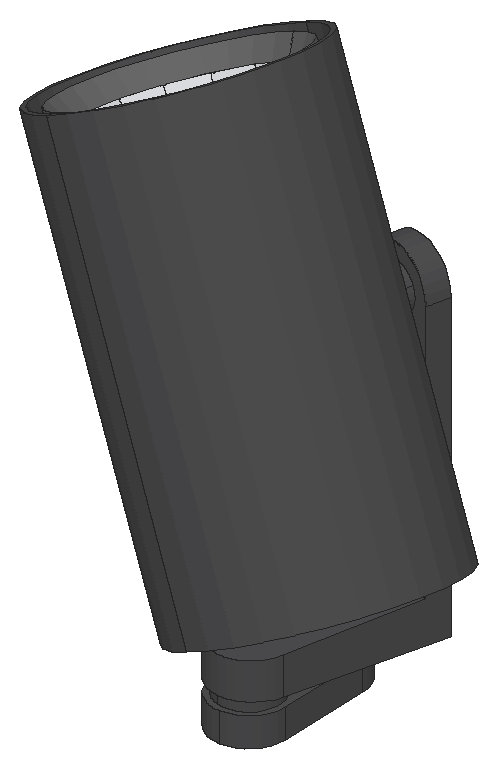
Revit family "Canilo", category Lighting Fixtures, host Face, Revit 2017 (continued)
Types (810, lengths in mm): name | system luminous flux | TK_Optic | TK_Body | System performance | SEO | ProductDataSheet | Mat | Luminaire colour | Lumen category | Lighting technology | Light colour | Lamp | IESFile | Cover / filter | CRI | Beam angle | Apparent Load
  CANILO  3P 01 LED3000-BVC SP-c ETDD 01 | 2860 lm | "10127062" | "10161315" | 31 VA | Oktalite_Canilo_WH3100 | "http://www.oktalite.com/datasheet_print.php?language=EN&productid=63&lampid=91" | Oktalite_Alu_RAL_9016 | "RAL 9016 traffic white" | "3000 lm" | "LED IQ" | "B+V+C" | "LED IQ" | "CANILO_LED IQ_SP.ies" | "clear" | "-" | "Spot" | 31 VA
  CANILO  3P 01 LED3000-BVC SP  ETDD 01 | 2860 lm | "10125190" | "10161315" | 31 VA | Oktalite_Canilo_WH3100 | "http://www.oktalite.com/datasheet_print.php?language=EN&productid=63&lampid=91" | Oktalite_Alu_RAL_9016 | "RAL 9016 traffic white" | "3000 lm" | "LED IQ" | "B+V+C" | "LED IQ" | "CANILO_LED IQ_SP.ies" | "without" | "-" | "Spot" | 31 VA
  CANILO  3P 05 LED4000-831 VFL-c ETDD 05 | 3555 lm | "10147536" | "10161699" | 32 VA | Oktalite_Canilo_WH3100 | "http://www.oktalite.com/datasheet_print.php?language=EN&productid=63&lampid=91" | Oktalite_Alu_RAL_9005 | "RAL 9005 jet black" | "4000 lm" | "LED IQ" | "3100 K Efficient Colour" | "LED IQ" | "CANILO_LED IQ_VFL.ies" | "clear" | "85" | "Very Wide Flood" | 32 VA
  CANILO  3P 05 LED4000-831 VFL  ETDD 05 | 3555 lm | "10147502" | "10161699" | 32 VA | Oktalite_Canilo_WH3100 | "http://www.oktalite.com/datasheet_print.php?language=EN&productid=63&lampid=91" | Oktalite_Alu_RAL_9005 | "RAL 9005 jet black" | "4000 lm" | "LED IQ" | "3100 K Efficient Colour" | "LED IQ" | "CANILO_LED IQ_VFL.ies" | "without" | "85" | "Very Wide Flood" | 32 VA
  CANILO  3P 05 LED4000-831 WFL-c ETDD 05 | 3555 lm | "10147535" | "10161699" | 32 VA | Oktalite_Canilo_WH3100 | "http://www.oktalite.com/datasheet_print.php?language=EN&productid=63&lampid=91" | Oktalite_Alu_RAL_9005 | "RAL 9005 jet black" | "4000 lm" | "LED IQ" | "3100 K Efficient Colour" | "LED IQ" | "CANILO_LED IQ_WFL.ies" | "clear" | "85" | "Wide Flood" | 32 VA
  CANILO  3P 05 LED4000-831 WFL  ETDD 05 | 3555 lm | "10147501" | "10161699" | 32 VA | Oktalite_Canilo_WH3100 | "http://www.oktalite.com/datasheet_print.php?language=EN&productid=63&lampid=91" | Oktalite_Alu_RAL_9005 | "RAL 9005 jet black" | "4000 lm" | "LED IQ" | "3100 K Efficient Colour" | "LED IQ" | "CANILO_LED IQ_WFL.ies" | "without" | "85" | "Wide Flood" | 32 VA
  CANILO  3P 05 LED4000-831 FL-c ETDD 05 | 3555 lm | "10127064" | "10161699" | 32 VA | Oktalite_Canilo_WH3100 | "http://www.oktalite.com/datasheet_print.php?language=EN&productid=63&lampid=91" | Oktalite_Alu_RAL_9005 | "RAL 9005 jet black" | "4000 lm" | "LED IQ" | "3100 K Efficient Colour" | "LED IQ" | "CANILO_LED IQ_FL.ies" | "clear" | "85" | "Flood" | 32 VA
  CANILO  3P 05 LED4000-831 FL  ETDD 05 | 3555 lm | "10125196" | "10161699" | 32 VA | Oktalite_Canilo_WH3100 | "http://www.oktalite.com/datasheet_print.php?language=EN&productid=63&lampid=91" | Oktalite_Alu_RAL_9005 | "RAL 9005 jet black" | "4000 lm" | "LED IQ" | "3100 K Efficient Colour" | "LED IQ" | "CANILO_LED IQ_FL.ies" | "without" | "85" | "Flood" | 32 VA
  CANILO  3P 05 LED4000-831 MF-c ETDD 05 | 3555 lm | "10127063" | "10161699" | 32 VA | Oktalite_Canilo_WH3100 | "http://www.oktalite.com/datasheet_print.php?language=EN&productid=63&lampid=91" | Oktalite_Alu_RAL_9005 | "RAL 9005 jet black" | "4000 lm" | "LED IQ" | "3100 K Efficient Colour" | "LED IQ" | "CANILO_LED IQ_MF.ies" | "clear" | "85" | "Medium Flood" | 32 VA
  CANILO  3P 05 LED4000-831 MF  ETDD 05 | 3555 lm | "10125193" | "10161699" | 32 VA | Oktalite_Canilo_WH3100 | "http://www.oktalite.com/datasheet_print.php?language=EN&productid=63&lampid=91" | Oktalite_Alu_RAL_9005 | "RAL 9005 jet black" | "4000 lm" | "LED IQ" | "3100 K Efficient Colour" | "LED IQ" | "CANILO_LED IQ_MF.ies" | "without" | "85" | "Medium Flood" | 32 VA
  CANILO  3P 05 LED4000-831 SP-c ETDD 05 | 3555 lm | "10127062" | "10161699" | 32 VA | Oktalite_Canilo_WH3100 | "http://www.oktalite.com/datasheet_print.php?language=EN&productid=63&lampid=91" | Oktalite_Alu_RAL_9005 | "RAL 9005 jet black" | "4000 lm" | "LED IQ" | "3100 K Efficient Colour" | "LED IQ" | "CANILO_LED IQ_SP.ies" | "clear" | "85" | "Spot" | 32 VA
  CANILO  3P 05 LED4000-831 SP  ETDD 05 | 3555 lm | "10125190" | "10161699" | 32 VA | Oktalite_Canilo_WH3100 | "http://www.oktalite.com/datasheet_print.php?language=EN&productid=63&lampid=91" | Oktalite_Alu_RAL_9005 | "RAL 9005 jet black" | "4000 lm" | "LED IQ" | "3100 K Efficient Colour" | "LED IQ" | "CANILO_LED IQ_SP.ies" | "without" | "85" | "Spot" | 32 VA
  CANILO  3P 05 LED4000-831 VFL-c ETDD 03 | 3555 lm | "10147536" | "10161698" | 32 VA | Oktalite_Canilo_WH3100 | "http://www.oktalite.com/datasheet_print.php?language=EN&productid=63&lampid=91" | Oktalite_Alu_RAL_9006 | "RAL 9006 white aluminium" | "4000 lm" | "LED IQ" | "3100 K Efficient Colour" | "LED IQ" | "CANILO_LED IQ_VFL.ies" | "clear" | "85" | "Very Wide Flood" | 32 VA
  CANILO  3P 05 LED4000-831 VFL  ETDD 03 | 3555 lm | "10147502" | "10161698" | 32 VA | Oktalite_Canilo_WH3100 | "http://www.oktalite.com/datasheet_print.php?language=EN&productid=63&lampid=91" | Oktalite_Alu_RAL_9006 | "RAL 9006 white aluminium" | "4000 lm" | "LED IQ" | "3100 K Efficient Colour" | "LED IQ" | "CANILO_LED IQ_VFL.ies" | "without" | "85" | "Very Wide Flood" | 32 VA
  CANILO  3P 05 LED4000-831 WFL-c ETDD 03 | 3555 lm | "10147535" | "10161698" | 32 VA | Oktalite_Canilo_WH3100 | "http://www.oktalite.com/datasheet_print.php?language=EN&productid=63&lampid=91" | Oktalite_Alu_RAL_9006 | "RAL 9006 white aluminium" | "4000 lm" | "LED IQ" | "3100 K Efficient Colour" | "LED IQ" | "CANILO_LED IQ_WFL.ies" | "clear" | "85" | "Wide Flood" | 32 VA
  CANILO  3P 05 LED4000-831 WFL  ETDD 03 | 3555 lm | "10147501" | "10161698" | 32 VA | Oktalite_Canilo_WH3100 | "http://www.oktalite.com/datasheet_print.php?language=EN&productid=63&lampid=91" | Oktalite_Alu_RAL_9006 | "RAL 9006 white aluminium" | "4000 lm" | "LED IQ" | "3100 K Efficient Colour" | "LED IQ" | "CANILO_LED IQ_WFL.ies" | "without" | "85" | "Wide Flood" | 32 VA
  CANILO  3P 05 LED4000-831 FL-c ETDD 03 | 3555 lm | "10127064" | "10161698" | 32 VA | Oktalite_Canilo_WH3100 | "http://www.oktalite.com/datasheet_print.php?language=EN&productid=63&lampid=91" | Oktalite_Alu_RAL_9006 | "RAL 9006 white aluminium" | "4000 lm" | "LED IQ" | "3100 K Efficient Colour" | "LED IQ" | "CANILO_LED IQ_FL.ies" | "clear" | "85" | "Flood" | 32 VA
  CANILO  3P 05 LED4000-831 FL  ETDD 03 | 3555 lm | "10125196" | "10161698" | 32 VA | Oktalite_Canilo_WH3100 | "http://www.oktalite.com/datasheet_print.php?language=EN&productid=63&lampid=91" | Oktalite_Alu_RAL_9006 | "RAL 9006 white aluminium" | "4000 lm" | "LED IQ" | "3100 K Efficient Colour" | "LED IQ" | "CANILO_LED IQ_FL.ies" | "without" | "85" | "Flood" | 32 VA
  CANILO  3P 05 LED4000-831 MF-c ETDD 03 | 3555 lm | "10127063" | "10161698" | 32 VA | Oktalite_Canilo_WH3100 | "http://www.oktalite.com/datasheet_print.php?language=EN&productid=63&lampid=91" | Oktalite_Alu_RAL_9006 | "RAL 9006 white aluminium" | "4000 lm" | "LED IQ" | "3100 K Efficient Colour" | "LED IQ" | "CANILO_LED IQ_MF.ies" | "clear" | "85" | "Medium Flood" | 32 VA
  CANILO  3P 05 LED4000-831 MF  ETDD 03 | 3555 lm | "10125193" | "10161698" | 32 VA | Oktalite_Canilo_WH3100 | "http://www.oktalite.com/datasheet_print.php?language=EN&productid=63&lampid=91" | Oktalite_Alu_RAL_9006 | "RAL 9006 white aluminium" | "4000 lm" | "LED IQ" | "3100 K Efficient Colour" | "LED IQ" | "CANILO_LED IQ_MF.ies" | "without" | "85" | "Medium Flood" | 32 VA
  CANILO  3P 05 LED4000-831 SP-c ETDD 03 | 3555 lm | "10127062" | "10161698" | 32 VA | Oktalite_Canilo_WH3100 | "http://www.oktalite.com/datasheet_print.php?language=EN&productid=63&lampid=91" | Oktalite_Alu_RAL_9006 | "RAL 9006 white aluminium" | "4000 lm" | "LED IQ" | "3100 K Efficient Colour" | "LED IQ" | "CANILO_LED IQ_SP.ies" | "clear" | "85" | "Spot" | 32 VA
  CANILO  3P 05 LED4000-831 SP  ETDD 03 | 3555 lm | "10125190" | "10161698" | 32 VA | Oktalite_Canilo_WH3100 | "http://www.oktalite.com/datasheet_print.php?language=EN&productid=63&lampid=91" | Oktalite_Alu_RAL_9006 | "RAL 9006 white aluminium" | "4000 lm" | "LED IQ" | "3100 K Efficient Colour" | "LED IQ" | "CANILO_LED IQ_SP.ies" | "without" | "85" | "Spot" | 32 VA
  CANILO  3P 01 LED4000-831 VFL-c ETDD 01 | 3555 lm | "10147536" | "10161697" | 32 VA | Oktalite_Canilo_WH3100 | "http://www.oktalite.com/datasheet_print.php?language=EN&productid=63&lampid=91" | Oktalite_Alu_RAL_9016 | "RAL 9016 traffic white" | "4000 lm" | "LED IQ" | "3100 K Efficient Colour" | "LED IQ" | "CANILO_LED IQ_VFL.ies" | "clear" | "85" | "Very Wide Flood" | 32 VA
  CANILO  3P 01 LED4000-831 VFL  ETDD 01 | 3555 lm | "10147502" | "10161697" | 32 VA | Oktalite_Canilo_WH3100 | "http://www.oktalite.com/datasheet_print.php?language=EN&productid=63&lampid=91" | Oktalite_Alu_RAL_9016 | "RAL 9016 traffic white" | "4000 lm" | "LED IQ" | "3100 K Efficient Colour" | "LED IQ" | "CANILO_LED IQ_VFL.ies" | "without" | "85" | "Very Wide Flood" | 32 VA
  CANILO  3P 01 LED4000-831 WFL-c ETDD 01 | 3555 lm | "10147535" | "10161697" | 32 VA | Oktalite_Canilo_WH3100 | "http://www.oktalite.com/datasheet_print.php?language=EN&productid=63&lampid=91" | Oktalite_Alu_RAL_9016 | "RAL 9016 traffic white" | "4000 lm" | "LED IQ" | "3100 K Efficient Colour" | "LED IQ" | "CANILO_LED IQ_WFL.ies" | "clear" | "85" | "Wide Flood" | 32 VA
  CANILO  3P 01 LED4000-831 WFL  ETDD 01 | 3555 lm | "10147501" | "10161697" | 32 VA | Oktalite_Canilo_WH3100 | "http://www.oktalite.com/datasheet_print.php?language=EN&productid=63&lampid=91" | Oktalite_Alu_RAL_9016 | "RAL 9016 traffic white" | "4000 lm" | "LED IQ" | "3100 K Efficient Colour" | "LED IQ" | "CANILO_LED IQ_WFL.ies" | "without" | "85" | "Wide Flood" | 32 VA
  CANILO  3P 01 LED4000-831 FL-c ETDD 01 | 3555 lm | "10127064" | "10161697" | 32 VA | Oktalite_Canilo_WH3100 | "http://www.oktalite.com/datasheet_print.php?language=EN&productid=63&lampid=91" | Oktalite_Alu_RAL_9016 | "RAL 9016 traffic white" | "4000 lm" | "LED IQ" | "3100 K Efficient Colour" | "LED IQ" | "CANILO_LED IQ_FL.ies" | "clear" | "85" | "Flood" | 32 VA
  CANILO  3P 01 LED4000-831 FL  ETDD 01 | 3555 lm | "10125196" | "10161697" | 32 VA | Oktalite_Canilo_WH3100 | "http://www.oktalite.com/datasheet_print.php?language=EN&productid=63&lampid=91" | Oktalite_Alu_RAL_9016 | "RAL 9016 traffic white" | "4000 lm" | "LED IQ" | "3100 K Efficient Colour" | "LED IQ" | "CANILO_LED IQ_FL.ies" | "without" | "85" | "Flood" | 32 VA
  CANILO  3P 01 LED4000-831 MF-c ETDD 01 | 3555 lm | "10127063" | "10161697" | 32 VA | Oktalite_Canilo_WH3100 | "http://www.oktalite.com/datasheet_print.php?language=EN&productid=63&lampid=91" | Oktalite_Alu_RAL_9016 | "RAL 9016 traffic white" | "4000 lm" | "LED IQ" | "3100 K Efficient Colour" | "LED IQ" | "CANILO_LED IQ_MF.ies" | "clear" | "85" | "Medium Flood" | 32 VA
  CANILO  3P 01 LED4000-831 MF  ETDD 01 | 3555 lm | "10125193" | "10161697" | 32 VA | Oktalite_Canilo_WH3100 | "http://www.oktalite.com/datasheet_print.php?language=EN&productid=63&lampid=91" | Oktalite_Alu_RAL_9016 | "RAL 9016 traffic white" | "4000 lm" | "LED IQ" | "3100 K Efficient Colour" | "LED IQ" | "CANILO_LED IQ_MF.ies" | "without" | "85" | "Medium Flood" | 32 VA
  CANILO  3P 01 LED4000-831 SP-c ETDD 01 | 3555 lm | "10127062" | "10161697" | 32 VA | Oktalite_Canilo_WH3100 | "http://www.oktalite.com/datasheet_print.php?language=EN&productid=63&lampid=91" | Oktalite_Alu_RAL_9016 | "RAL 9016 traffic white" | "4000 lm" | "LED IQ" | "3100 K Efficient Colour" | "LED IQ" | "CANILO_LED IQ_SP.ies" | "clear" | "85" | "Spot" | 32 VA
  CANILO  3P 01 LED4000-831 SP  ETDD 01 | 3555 lm | "10125190" | "10161697" | 32 VA | Oktalite_Canilo_WH3100 | "http://www.oktalite.com/datasheet_print.php?language=EN&productid=63&lampid=91" | Oktalite_Alu_RAL_9016 | "RAL 9016 traffic white" | "4000 lm" | "LED IQ" | "3100 K Efficient Colour" | "LED IQ" | "CANILO_LED IQ_SP.ies" | "without" | "85" | "Spot" | 32 VA
  CANILO  3P 05 LED4000-840 VFL-c ETDD 05 | 3780 lm | "10147536" | "10161711" | 32 VA | Oktalite_Canilo_WH4000 | "http://www.oktalite.com/datasheet_print.php?language=EN&productid=63&lampid=91" | Oktalite_Alu_RAL_9005 | "RAL 9005 jet black" | "4000 lm" | "LED IQ" | "4000 K" | "LED IQ" | "CANILO_LED IQ_VFL.ies" | "clear" | "85" | "Very Wide Flood" | 32 VA
  CANILO  3P 05 LED4000-840 VFL  ETDD 05 | 3780 lm | "10147502" | "10161711" | 32 VA | Oktalite_Canilo_WH4000 | "http://www.oktalite.com/datasheet_print.php?language=EN&productid=63&lampid=91" | Oktalite_Alu_RAL_9005 | "RAL 9005 jet black" | "4000 lm" | "LED IQ" | "4000 K" | "LED IQ" | "CANILO_LED IQ_VFL.ies" | "without" | "85" | "Very Wide Flood" | 32 VA
  CANILO  3P 05 LED4000-840 WFL-c ETDD 05 | 3780 lm | "10147535" | "10161711" | 32 VA | Oktalite_Canilo_WH4000 | "http://www.oktalite.com/datasheet_print.php?language=EN&productid=63&lampid=91" | Oktalite_Alu_RAL_9005 | "RAL 9005 jet black" | "4000 lm" | "LED IQ" | "4000 K" | "LED IQ" | "CANILO_LED IQ_WFL.ies" | "clear" | "85" | "Wide Flood" | 32 VA
  CANILO  3P 05 LED4000-840 WFL  ETDD 05 | 3780 lm | "10147501" | "10161711" | 32 VA | Oktalite_Canilo_WH4000 | "http://www.oktalite.com/datasheet_print.php?language=EN&productid=63&lampid=91" | Oktalite_Alu_RAL_9005 | "RAL 9005 jet black" | "4000 lm" | "LED IQ" | "4000 K" | "LED IQ" | "CANILO_LED IQ_WFL.ies" | "without" | "85" | "Wide Flood" | 32 VA
  CANILO  3P 05 LED4000-840 FL-c ETDD 05 | 3780 lm | "10127064" | "10161711" | 32 VA | Oktalite_Canilo_WH4000 | "http://www.oktalite.com/datasheet_print.php?language=EN&productid=63&lampid=91" | Oktalite_Alu_RAL_9005 | "RAL 9005 jet black" | "4000 lm" | "LED IQ" | "4000 K" | "LED IQ" | "CANILO_LED IQ_FL.ies" | "clear" | "85" | "Flood" | 32 VA
  CANILO  3P 05 LED4000-840 FL  ETDD 05 | 3780 lm | "10125196" | "10161711" | 32 VA | Oktalite_Canilo_WH4000 | "http://www.oktalite.com/datasheet_print.php?language=EN&productid=63&lampid=91" | Oktalite_Alu_RAL_9005 | "RAL 9005 jet black" | "4000 lm" | "LED IQ" | "4000 K" | "LED IQ" | "CANILO_LED IQ_FL.ies" | "without" | "85" | "Flood" | 32 VA
  CANILO  3P 05 LED4000-840 MF-c ETDD 05 | 3780 lm | "10127063" | "10161711" | 32 VA | Oktalite_Canilo_WH4000 | "http://www.oktalite.com/datasheet_print.php?language=EN&productid=63&lampid=91" | Oktalite_Alu_RAL_9005 | "RAL 9005 jet black" | "4000 lm" | "LED IQ" | "4000 K" | "LED IQ" | "CANILO_LED IQ_MF.ies" | "clear" | "85" | "Medium Flood" | 32 VA
  CANILO  3P 05 LED4000-840 MF  ETDD 05 | 3780 lm | "10125193" | "10161711" | 32 VA | Oktalite_Canilo_WH4000 | "http://www.oktalite.com/datasheet_print.php?language=EN&productid=63&lampid=91" | Oktalite_Alu_RAL_9005 | "RAL 9005 jet black" | "4000 lm" | "LED IQ" | "4000 K" | "LED IQ" | "CANILO_LED IQ_MF.ies" | "without" | "85" | "Medium Flood" | 32 VA
  CANILO  3P 05 LED4000-840 SP-c ETDD 05 | 3780 lm | "10127062" | "10161711" | 32 VA | Oktalite_Canilo_WH4000 | "http://www.oktalite.com/datasheet_print.php?language=EN&productid=63&lampid=91" | Oktalite_Alu_RAL_9005 | "RAL 9005 jet black" | "4000 lm" | "LED IQ" | "4000 K" | "LED IQ" | "CANILO_LED IQ_SP.ies" | "clear" | "85" | "Spot" | 32 VA
  CANILO  3P 05 LED4000-840 SP  ETDD 05 | 3780 lm | "10125190" | "10161711" | 32 VA | Oktalite_Canilo_WH4000 | "http://www.oktalite.com/datasheet_print.php?language=EN&productid=63&lampid=91" | Oktalite_Alu_RAL_9005 | "RAL 9005 jet black" | "4000 lm" | "LED IQ" | "4000 K" | "LED IQ" | "CANILO_LED IQ_SP.ies" | "without" | "85" | "Spot" | 32 VA
  CANILO  3P 05 LED4000-840 VFL-c ETDD 03 | 3780 lm | "10147536" | "10161710" | 32 VA | Oktalite_Canilo_WH4000 | "http://www.oktalite.com/datasheet_print.php?language=EN&productid=63&lampid=91" | Oktalite_Alu_RAL_9006 | "RAL 9006 white aluminium" | "4000 lm" | "LED IQ" | "4000 K" | "LED IQ" | "CANILO_LED IQ_VFL.ies" | "clear" | "85" | "Very Wide Flood" | 32 VA
  CANILO  3P 05 LED4000-840 VFL  ETDD 03 | 3780 lm | "10147502" | "10161710" | 32 VA | Oktalite_Canilo_WH4000 | "http://www.oktalite.com/datasheet_print.php?language=EN&productid=63&lampid=91" | Oktalite_Alu_RAL_9006 | "RAL 9006 white aluminium" | "4000 lm" | "LED IQ" | "4000 K" | "LED IQ" | "CANILO_LED IQ_VFL.ies" | "without" | "85" | "Very Wide Flood" | 32 VA
  CANILO  3P 05 LED4000-840 WFL-c ETDD 03 | 3780 lm | "10147535" | "10161710" | 32 VA | Oktalite_Canilo_WH4000 | "http://www.oktalite.com/datasheet_print.php?language=EN&productid=63&lampid=91" | Oktalite_Alu_RAL_9006 | "RAL 9006 white aluminium" | "4000 lm" | "LED IQ" | "4000 K" | "LED IQ" | "CANILO_LED IQ_WFL.ies" | "clear" | "85" | "Wide Flood" | 32 VA
  CANILO  3P 05 LED4000-840 WFL  ETDD 03 | 3780 lm | "10147501" | "10161710" | 32 VA | Oktalite_Canilo_WH4000 | "http://www.oktalite.com/datasheet_print.php?language=EN&productid=63&lampid=91" | Oktalite_Alu_RAL_9006 | "RAL 9006 white aluminium" | "4000 lm" | "LED IQ" | "4000 K" | "LED IQ" | "CANILO_LED IQ_WFL.ies" | "without" | "85" | "Wide Flood" | 32 VA
  CANILO  3P 05 LED4000-840 FL-c ETDD 03 | 3780 lm | "10127064" | "10161710" | 32 VA | Oktalite_Canilo_WH4000 | "http://www.oktalite.com/datasheet_print.php?language=EN&productid=63&lampid=91" | Oktalite_Alu_RAL_9006 | "RAL 9006 white aluminium" | "4000 lm" | "LED IQ" | "4000 K" | "LED IQ" | "CANILO_LED IQ_FL.ies" | "clear" | "85" | "Flood" | 32 VA
  CANILO  3P 05 LED4000-840 FL  ETDD 03 | 3780 lm | "10125196" | "10161710" | 32 VA | Oktalite_Canilo_WH4000 | "http://www.oktalite.com/datasheet_print.php?language=EN&productid=63&lampid=91" | Oktalite_Alu_RAL_9006 | "RAL 9006 white aluminium" | "4000 lm" | "LED IQ" | "4000 K" | "LED IQ" | "CANILO_LED IQ_FL.ies" | "without" | "85" | "Flood" | 32 VA
  CANILO  3P 05 LED4000-840 MF-c ETDD 03 | 3780 lm | "10127063" | "10161710" | 32 VA | Oktalite_Canilo_WH4000 | "http://www.oktalite.com/datasheet_print.php?language=EN&productid=63&lampid=91" | Oktalite_Alu_RAL_9006 | "RAL 9006 white aluminium" | "4000 lm" | "LED IQ" | "4000 K" | "LED IQ" | "CANILO_LED IQ_MF.ies" | "clear" | "85" | "Medium Flood" | 32 VA
  CANILO  3P 05 LED4000-840 MF  ETDD 03 | 3780 lm | "10125193" | "10161710" | 32 VA | Oktalite_Canilo_WH4000 | "http://www.oktalite.com/datasheet_print.php?language=EN&productid=63&lampid=91" | Oktalite_Alu_RAL_9006 | "RAL 9006 white aluminium" | "4000 lm" | "LED IQ" | "4000 K" | "LED IQ" | "CANILO_LED IQ_MF.ies" | "without" | "85" | "Medium Flood" | 32 VA
  CANILO  3P 05 LED4000-840 SP-c ETDD 03 | 3780 lm | "10127062" | "10161710" | 32 VA | Oktalite_Canilo_WH4000 | "http://www.oktalite.com/datasheet_print.php?language=EN&productid=63&lampid=91" | Oktalite_Alu_RAL_9006 | "RAL 9006 white aluminium" | "4000 lm" | "LED IQ" | "4000 K" | "LED IQ" | "CANILO_LED IQ_SP.ies" | "clear" | "85" | "Spot" | 32 VA
  CANILO  3P 05 LED4000-840 SP  ETDD 03 | 3780 lm | "10125190" | "10161710" | 32 VA | Oktalite_Canilo_WH4000 | "http://www.oktalite.com/datasheet_print.php?language=EN&productid=63&lampid=91" | Oktalite_Alu_RAL_9006 | "RAL 9006 white aluminium" | "4000 lm" | "LED IQ" | "4000 K" | "LED IQ" | "CANILO_LED IQ_SP.ies" | "without" | "85" | "Spot" | 32 VA
  CANILO  3P 01 LED4000-840 VFL-c ETDD 01 | 3780 lm | "10147536" | "10161709" | 32 VA | Oktalite_Canilo_WH4000 | "http://www.oktalite.com/datasheet_print.php?language=EN&productid=63&lampid=91" | Oktalite_Alu_RAL_9016 | "RAL 9016 traffic white" | "4000 lm" | "LED IQ" | "4000 K" | "LED IQ" | "CANILO_LED IQ_VFL.ies" | "clear" | "85" | "Very Wide Flood" | 32 VA
  CANILO  3P 01 LED4000-840 VFL  ETDD 01 | 3780 lm | "10147502" | "10161709" | 32 VA | Oktalite_Canilo_WH4000 | "http://www.oktalite.com/datasheet_print.php?language=EN&productid=63&lampid=91" | Oktalite_Alu_RAL_9016 | "RAL 9016 traffic white" | "4000 lm" | "LED IQ" | "4000 K" | "LED IQ" | "CANILO_LED IQ_VFL.ies" | "without" | "85" | "Very Wide Flood" | 32 VA
  CANILO  3P 01 LED4000-840 WFL-c ETDD 01 | 3780 lm | "10147535" | "10161709" | 32 VA | Oktalite_Canilo_WH4000 | "http://www.oktalite.com/datasheet_print.php?language=EN&productid=63&lampid=91" | Oktalite_Alu_RAL_9016 | "RAL 9016 traffic white" | "4000 lm" | "LED IQ" | "4000 K" | "LED IQ" | "CANILO_LED IQ_WFL.ies" | "clear" | "85" | "Wide Flood" | 32 VA
  CANILO  3P 01 LED4000-840 WFL  ETDD 01 | 3780 lm | "10147501" | "10161709" | 32 VA | Oktalite_Canilo_WH4000 | "http://www.oktalite.com/datasheet_print.php?language=EN&productid=63&lampid=91" | Oktalite_Alu_RAL_9016 | "RAL 9016 traffic white" | "4000 lm" | "LED IQ" | "4000 K" | "LED IQ" | "CANILO_LED IQ_WFL.ies" | "without" | "85" | "Wide Flood" | 32 VA
  CANILO  3P 01 LED4000-840 FL-c ETDD 01 | 3780 lm | "10127064" | "10161709" | 32 VA | Oktalite_Canilo_WH4000 | "http://www.oktalite.com/datasheet_print.php?language=EN&productid=63&lampid=91" | Oktalite_Alu_RAL_9016 | "RAL 9016 traffic white" | "4000 lm" | "LED IQ" | "4000 K" | "LED IQ" | "CANILO_LED IQ_FL.ies" | "clear" | "85" | "Flood" | 32 VA
  CANILO  3P 01 LED4000-840 FL  ETDD 01 | 3780 lm | "10125196" | "10161709" | 32 VA | Oktalite_Canilo_WH4000 | "http://www.oktalite.com/datasheet_print.php?language=EN&productid=63&lampid=91" | Oktalite_Alu_RAL_9016 | "RAL 9016 traffic white" | "4000 lm" | "LED IQ" | "4000 K" | "LED IQ" | "CANILO_LED IQ_FL.ies" | "without" | "85" | "Flood" | 32 VA
  CANILO  3P 01 LED4000-840 MF-c ETDD 01 | 3780 lm | "10127063" | "10161709" | 32 VA | Oktalite_Canilo_WH4000 | "http://www.oktalite.com/datasheet_print.php?language=EN&productid=63&lampid=91" | Oktalite_Alu_RAL_9016 | "RAL 9016 traffic white" | "4000 lm" | "LED IQ" | "4000 K" | "LED IQ" | "CANILO_LED IQ_MF.ies" | "clear" | "85" | "Medium Flood" | 32 VA
  CANILO  3P 01 LED4000-840 MF  ETDD 01 | 3780 lm | "10125193" | "10161709" | 32 VA | Oktalite_Canilo_WH4000 | "http://www.oktalite.com/datasheet_print.php?language=EN&productid=63&lampid=91" | Oktalite_Alu_RAL_9016 | "RAL 9016 traffic white" | "4000 lm" | "LED IQ" | "4000 K" | "LED IQ" | "CANILO_LED IQ_MF.ies" | "without" | "85" | "Medium Flood" | 32 VA
  CANILO  3P 01 LED4000-840 SP-c ETDD 01 | 3780 lm | "10127062" | "10161709" | 32 VA | Oktalite_Canilo_WH4000 | "http://www.oktalite.com/datasheet_print.php?language=EN&productid=63&lampid=91" | Oktalite_Alu_RAL_9016 | "RAL 9016 traffic white" | "4000 lm" | "LED IQ" | "4000 K" | "LED IQ" | "CANILO_LED IQ_SP.ies" | "clear" | "85" | "Spot" | 32 VA
  CANILO  3P 01 LED4000-840 SP  ETDD 01 | 3780 lm | "10125190" | "10161709" | 32 VA | Oktalite_Canilo_WH4000 | "http://www.oktalite.com/datasheet_print.php?language=EN&productid=63&lampid=91" | Oktalite_Alu_RAL_9016 | "RAL 9016 traffic white" | "4000 lm" | "LED IQ" | "4000 K" | "LED IQ" | "CANILO_LED IQ_SP.ies" | "without" | "85" | "Spot" | 32 VA
  CANILO  3P 05 LED4000-835 VFL-c ETDD 05 | 3700 lm | "10147536" | "10161705" | 32 VA | Oktalite_Canilo_WH3500 | "http://www.oktalite.com/datasheet_print.php?language=EN&productid=63&lampid=91" | Oktalite_Alu_RAL_9005 | "RAL 9005 jet black" | "4000 lm" | "LED IQ" | "3500 K" | "LED IQ" | "CANILO_LED IQ_VFL.ies" | "clear" | "85" | "Very Wide Flood" | 32 VA
  CANILO  3P 05 LED4000-835 VFL  ETDD 05 | 3700 lm | "10147502" | "10161705" | 32 VA | Oktalite_Canilo_WH3500 | "http://www.oktalite.com/datasheet_print.php?language=EN&productid=63&lampid=91" | Oktalite_Alu_RAL_9005 | "RAL 9005 jet black" | "4000 lm" | "LED IQ" | "3500 K" | "LED IQ" | "CANILO_LED IQ_VFL.ies" | "without" | "85" | "Very Wide Flood" | 32 VA
  CANILO  3P 05 LED4000-835 WFL-c ETDD 05 | 3700 lm | "10147535" | "10161705" | 32 VA | Oktalite_Canilo_WH3500 | "http://www.oktalite.com/datasheet_print.php?language=EN&productid=63&lampid=91" | Oktalite_Alu_RAL_9005 | "RAL 9005 jet black" | "4000 lm" | "LED IQ" | "3500 K" | "LED IQ" | "CANILO_LED IQ_WFL.ies" | "clear" | "85" | "Wide Flood" | 32 VA
  CANILO  3P 05 LED4000-835 WFL  ETDD 05 | 3700 lm | "10147501" | "10161705" | 32 VA | Oktalite_Canilo_WH3500 | "http://www.oktalite.com/datasheet_print.php?language=EN&productid=63&lampid=91" | Oktalite_Alu_RAL_9005 | "RAL 9005 jet black" | "4000 lm" | "LED IQ" | "3500 K" | "LED IQ" | "CANILO_LED IQ_WFL.ies" | "without" | "85" | "Wide Flood" | 32 VA
  CANILO  3P 05 LED4000-835 FL-c ETDD 05 | 3700 lm | "10127064" | "10161705" | 32 VA | Oktalite_Canilo_WH3500 | "http://www.oktalite.com/datasheet_print.php?language=EN&productid=63&lampid=91" | Oktalite_Alu_RAL_9005 | "RAL 9005 jet black" | "4000 lm" | "LED IQ" | "3500 K" | "LED IQ" | "CANILO_LED IQ_FL.ies" | "clear" | "85" | "Flood" | 32 VA
  CANILO  3P 05 LED4000-835 FL  ETDD 05 | 3700 lm | "10125196" | "10161705" | 32 VA | Oktalite_Canilo_WH3500 | "http://www.oktalite.com/datasheet_print.php?language=EN&productid=63&lampid=91" | Oktalite_Alu_RAL_9005 | "RAL 9005 jet black" | "4000 lm" | "LED IQ" | "3500 K" | "LED IQ" | "CANILO_LED IQ_FL.ies" | "without" | "85" | "Flood" | 32 VA
  CANILO  3P 05 LED4000-835 MF-c ETDD 05 | 3700 lm | "10127063" | "10161705" | 32 VA | Oktalite_Canilo_WH3500 | "http://www.oktalite.com/datasheet_print.php?language=EN&productid=63&lampid=91" | Oktalite_Alu_RAL_9005 | "RAL 9005 jet black" | "4000 lm" | "LED IQ" | "3500 K" | "LED IQ" | "CANILO_LED IQ_MF.ies" | "clear" | "85" | "Medium Flood" | 32 VA
  CANILO  3P 05 LED4000-835 MF  ETDD 05 | 3700 lm | "10125193" | "10161705" | 32 VA | Oktalite_Canilo_WH3500 | "http://www.oktalite.com/datasheet_print.php?language=EN&productid=63&lampid=91" | Oktalite_Alu_RAL_9005 | "RAL 9005 jet black" | "4000 lm" | "LED IQ" | "3500 K" | "LED IQ" | "CANILO_LED IQ_MF.ies" | "without" | "85" | "Medium Flood" | 32 VA
  CANILO  3P 05 LED4000-835 SP-c ETDD 05 | 3700 lm | "10127062" | "10161705" | 32 VA | Oktalite_Canilo_WH3500 | "http://www.oktalite.com/datasheet_print.php?language=EN&productid=63&lampid=91" | Oktalite_Alu_RAL_9005 | "RAL 9005 jet black" | "4000 lm" | "LED IQ" | "3500 K" | "LED IQ" | "CANILO_LED IQ_SP.ies" | "clear" | "85" | "Spot" | 32 VA
  CANILO  3P 05 LED4000-835 SP  ETDD 05 | 3700 lm | "10125190" | "10161705" | 32 VA | Oktalite_Canilo_WH3500 | "http://www.oktalite.com/datasheet_print.php?language=EN&productid=63&lampid=91" | Oktalite_Alu_RAL_9005 | "RAL 9005 jet black" | "4000 lm" | "LED IQ" | "3500 K" | "LED IQ" | "CANILO_LED IQ_SP.ies" | "without" | "85" | "Spot" | 32 VA
  CANILO  3P 05 LED4000-835 VFL-c ETDD 03 | 3700 lm | "10147536" | "10161704" | 32 VA | Oktalite_Canilo_WH3500 | "http://www.oktalite.com/datasheet_print.php?language=EN&productid=63&lampid=91" | Oktalite_Alu_RAL_9006 | "RAL 9006 white aluminium" | "4000 lm" | "LED IQ" | "3500 K" | "LED IQ" | "CANILO_LED IQ_VFL.ies" | "clear" | "85" | "Very Wide Flood" | 32 VA
  CANILO  3P 05 LED4000-835 VFL  ETDD 03 | 3700 lm | "10147502" | "10161704" | 32 VA | Oktalite_Canilo_WH3500 | "http://www.oktalite.com/datasheet_print.php?language=EN&productid=63&lampid=91" | Oktalite_Alu_RAL_9006 | "RAL 9006 white aluminium" | "4000 lm" | "LED IQ" | "3500 K" | "LED IQ" | "CANILO_LED IQ_VFL.ies" | "without" | "85" | "Very Wide Flood" | 32 VA
  CANILO  3P 05 LED4000-835 WFL-c ETDD 03 | 3700 lm | "10147535" | "10161704" | 32 VA | Oktalite_Canilo_WH3500 | "http://www.oktalite.com/datasheet_print.php?language=EN&productid=63&lampid=91" | Oktalite_Alu_RAL_9006 | "RAL 9006 white aluminium" | "4000 lm" | "LED IQ" | "3500 K" | "LED IQ" | "CANILO_LED IQ_WFL.ies" | "clear" | "85" | "Wide Flood" | 32 VA
  CANILO  3P 05 LED4000-835 WFL  ETDD 03 | 3700 lm | "10147501" | "10161704" | 32 VA | Oktalite_Canilo_WH3500 | "http://www.oktalite.com/datasheet_print.php?language=EN&productid=63&lampid=91" | Oktalite_Alu_RAL_9006 | "RAL 9006 white aluminium" | "4000 lm" | "LED IQ" | "3500 K" | "LED IQ" | "CANILO_LED IQ_WFL.ies" | "without" | "85" | "Wide Flood" | 32 VA
  CANILO  3P 05 LED4000-835 FL-c ETDD 03 | 3700 lm | "10127064" | "10161704" | 32 VA | Oktalite_Canilo_WH3500 | "http://www.oktalite.com/datasheet_print.php?language=EN&productid=63&lampid=91" | Oktalite_Alu_RAL_9006 | "RAL 9006 white aluminium" | "4000 lm" | "LED IQ" | "3500 K" | "LED IQ" | "CANILO_LED IQ_FL.ies" | "clear" | "85" | "Flood" | 32 VA
  CANILO  3P 05 LED4000-835 FL  ETDD 03 | 3700 lm | "10125196" | "10161704" | 32 VA | Oktalite_Canilo_WH3500 | "http://www.oktalite.com/datasheet_print.php?language=EN&productid=63&lampid=91" | Oktalite_Alu_RAL_9006 | "RAL 9006 white aluminium" | "4000 lm" | "LED IQ" | "3500 K" | "LED IQ" | "CANILO_LED IQ_FL.ies" | "without" | "85" | "Flood" | 32 VA
  CANILO  3P 05 LED4000-835 MF-c ETDD 03 | 3700 lm | "10127063" | "10161704" | 32 VA | Oktalite_Canilo_WH3500 | "http://www.oktalite.com/datasheet_print.php?language=EN&productid=63&lampid=91" | Oktalite_Alu_RAL_9006 | "RAL 9006 white aluminium" | "4000 lm" | "LED IQ" | "3500 K" | "LED IQ" | "CANILO_LED IQ_MF.ies" | "clear" | "85" | "Medium Flood" | 32 VA
  CANILO  3P 05 LED4000-835 MF  ETDD 03 | 3700 lm | "10125193" | "10161704" | 32 VA | Oktalite_Canilo_WH3500 | "http://www.oktalite.com/datasheet_print.php?language=EN&productid=63&lampid=91" | Oktalite_Alu_RAL_9006 | "RAL 9006 white aluminium" | "4000 lm" | "LED IQ" | "3500 K" | "LED IQ" | "CANILO_LED IQ_MF.ies" | "without" | "85" | "Medium Flood" | 32 VA
  CANILO  3P 05 LED4000-835 SP-c ETDD 03 | 3700 lm | "10127062" | "10161704" | 32 VA | Oktalite_Canilo_WH3500 | "http://www.oktalite.com/datasheet_print.php?language=EN&productid=63&lampid=91" | Oktalite_Alu_RAL_9006 | "RAL 9006 white aluminium" | "4000 lm" | "LED IQ" | "3500 K" | "LED IQ" | "CANILO_LED IQ_SP.ies" | "clear" | "85" | "Spot" | 32 VA
  CANILO  3P 05 LED4000-835 SP  ETDD 03 | 3700 lm | "10125190" | "10161704" | 32 VA | Oktalite_Canilo_WH3500 | "http://www.oktalite.com/datasheet_print.php?language=EN&productid=63&lampid=91" | Oktalite_Alu_RAL_9006 | "RAL 9006 white aluminium" | "4000 lm" | "LED IQ" | "3500 K" | "LED IQ" | "CANILO_LED IQ_SP.ies" | "without" | "85" | "Spot" | 32 VA
  CANILO  3P 01 LED4000-835 VFL-c ETDD 01 | 3700 lm | "10147536" | "10161703" | 32 VA | Oktalite_Canilo_WH3500 | "http://www.oktalite.com/datasheet_print.php?language=EN&productid=63&lampid=91" | Oktalite_Alu_RAL_9016 | "RAL 9016 traffic white" | "4000 lm" | "LED IQ" | "3500 K" | "LED IQ" | "CANILO_LED IQ_VFL.ies" | "clear" | "85" | "Very Wide Flood" | 32 VA
  CANILO  3P 01 LED4000-835 VFL  ETDD 01 | 3700 lm | "10147502" | "10161703" | 32 VA | Oktalite_Canilo_WH3500 | "http://www.oktalite.com/datasheet_print.php?language=EN&productid=63&lampid=91" | Oktalite_Alu_RAL_9016 | "RAL 9016 traffic white" | "4000 lm" | "LED IQ" | "3500 K" | "LED IQ" | "CANILO_LED IQ_VFL.ies" | "without" | "85" | "Very Wide Flood" | 32 VA
  CANILO  3P 01 LED4000-835 WFL-c ETDD 01 | 3700 lm | "10147535" | "10161703" | 32 VA | Oktalite_Canilo_WH3500 | "http://www.oktalite.com/datasheet_print.php?language=EN&productid=63&lampid=91" | Oktalite_Alu_RAL_9016 | "RAL 9016 traffic white" | "4000 lm" | "LED IQ" | "3500 K" | "LED IQ" | "CANILO_LED IQ_WFL.ies" | "clear" | "85" | "Wide Flood" | 32 VA
  CANILO  3P 01 LED4000-835 WFL  ETDD 01 | 3700 lm | "10147501" | "10161703" | 32 VA | Oktalite_Canilo_WH3500 | "http://www.oktalite.com/datasheet_print.php?language=EN&productid=63&lampid=91" | Oktalite_Alu_RAL_9016 | "RAL 9016 traffic white" | "4000 lm" | "LED IQ" | "3500 K" | "LED IQ" | "CANILO_LED IQ_WFL.ies" | "without" | "85" | "Wide Flood" | 32 VA
  CANILO  3P 01 LED4000-835 FL-c ETDD 01 | 3700 lm | "10127064" | "10161703" | 32 VA | Oktalite_Canilo_WH3500 | "http://www.oktalite.com/datasheet_print.php?language=EN&productid=63&lampid=91" | Oktalite_Alu_RAL_9016 | "RAL 9016 traffic white" | "4000 lm" | "LED IQ" | "3500 K" | "LED IQ" | "CANILO_LED IQ_FL.ies" | "clear" | "85" | "Flood" | 32 VA
  CANILO  3P 01 LED4000-835 FL  ETDD 01 | 3700 lm | "10125196" | "10161703" | 32 VA | Oktalite_Canilo_WH3500 | "http://www.oktalite.com/datasheet_print.php?language=EN&productid=63&lampid=91" | Oktalite_Alu_RAL_9016 | "RAL 9016 traffic white" | "4000 lm" | "LED IQ" | "3500 K" | "LED IQ" | "CANILO_LED IQ_FL.ies" | "without" | "85" | "Flood" | 32 VA
  CANILO  3P 01 LED4000-835 MF-c ETDD 01 | 3700 lm | "10127063" | "10161703" | 32 VA | Oktalite_Canilo_WH3500 | "http://www.oktalite.com/datasheet_print.php?language=EN&productid=63&lampid=91" | Oktalite_Alu_RAL_9016 | "RAL 9016 traffic white" | "4000 lm" | "LED IQ" | "3500 K" | "LED IQ" | "CANILO_LED IQ_MF.ies" | "clear" | "85" | "Medium Flood" | 32 VA
  CANILO  3P 01 LED4000-835 MF  ETDD 01 | 3700 lm | "10125193" | "10161703" | 32 VA | Oktalite_Canilo_WH3500 | "http://www.oktalite.com/datasheet_print.php?language=EN&productid=63&lampid=91" | Oktalite_Alu_RAL_9016 | "RAL 9016 traffic white" | "4000 lm" | "LED IQ" | "3500 K" | "LED IQ" | "CANILO_LED IQ_MF.ies" | "without" | "85" | "Medium Flood" | 32 VA
  CANILO  3P 01 LED4000-835 SP-c ETDD 01 | 3700 lm | "10127062" | "10161703" | 32 VA | Oktalite_Canilo_WH3500 | "http://www.oktalite.com/datasheet_print.php?language=EN&productid=63&lampid=91" | Oktalite_Alu_RAL_9016 | "RAL 9016 traffic white" | "4000 lm" | "LED IQ" | "3500 K" | "LED IQ" | "CANILO_LED IQ_SP.ies" | "clear" | "85" | "Spot" | 32 VA
  CANILO  3P 01 LED4000-835 SP  ETDD 01 | 3700 lm | "10125190" | "10161703" | 32 VA | Oktalite_Canilo_WH3500 | "http://www.oktalite.com/datasheet_print.php?language=EN&productid=63&lampid=91" | Oktalite_Alu_RAL_9016 | "RAL 9016 traffic white" | "4000 lm" | "LED IQ" | "3500 K" | "LED IQ" | "CANILO_LED IQ_SP.ies" | "without" | "85" | "Spot" | 32 VA
  CANILO  3P 05 LED4000-830 VFL-c ETDD 05 | 3655 lm | "10147536" | "10161693" | 32 VA | Oktalite_Canilo_WH3000 | "http://www.oktalite.com/datasheet_print.php?language=EN&productid=63&lampid=91" | Oktalite_Alu_RAL_9005 | "RAL 9005 jet black" | "4000 lm" | "LED IQ" | "3000 K" | "LED IQ" | "CANILO_LED IQ_VFL.ies" | "clear" | "85" | "Very Wide Flood" | 32 VA
  CANILO  3P 05 LED4000-830 VFL  ETDD 05 | 3655 lm | "10147502" | "10161693" | 32 VA | Oktalite_Canilo_WH3000 | "http://www.oktalite.com/datasheet_print.php?language=EN&productid=63&lampid=91" | Oktalite_Alu_RAL_9005 | "RAL 9005 jet black" | "4000 lm" | "LED IQ" | "3000 K" | "LED IQ" | "CANILO_LED IQ_VFL.ies" | "without" | "85" | "Very Wide Flood" | 32 VA
  CANILO  3P 05 LED4000-830 WFL-c ETDD 05 | 3655 lm | "10147535" | "10161693" | 32 VA | Oktalite_Canilo_WH3000 | "http://www.oktalite.com/datasheet_print.php?language=EN&productid=63&lampid=91" | Oktalite_Alu_RAL_9005 | "RAL 9005 jet black" | "4000 lm" | "LED IQ" | "3000 K" | "LED IQ" | "CANILO_LED IQ_WFL.ies" | "clear" | "85" | "Wide Flood" | 32 VA
  CANILO  3P 05 LED4000-830 WFL  ETDD 05 | 3655 lm | "10147501" | "10161693" | 32 VA | Oktalite_Canilo_WH3000 | "http://www.oktalite.com/datasheet_print.php?language=EN&productid=63&lampid=91" | Oktalite_Alu_RAL_9005 | "RAL 9005 jet black" | "4000 lm" | "LED IQ" | "3000 K" | "LED IQ" | "CANILO_LED IQ_WFL.ies" | "without" | "85" | "Wide Flood" | 32 VA
  CANILO  3P 05 LED4000-830 FL-c ETDD 05 | 3655 lm | "10127064" | "10161693" | 32 VA | Oktalite_Canilo_WH3000 | "http://www.oktalite.com/datasheet_print.php?language=EN&productid=63&lampid=91" | Oktalite_Alu_RAL_9005 | "RAL 9005 jet black" | "4000 lm" | "LED IQ" | "3000 K" | "LED IQ" | "CANILO_LED IQ_FL.ies" | "clear" | "85" | "Flood" | 32 VA
  CANILO  3P 05 LED4000-830 FL  ETDD 05 | 3655 lm | "10125196" | "10161693" | 32 VA | Oktalite_Canilo_WH3000 | "http://www.oktalite.com/datasheet_print.php?language=EN&productid=63&lampid=91" | Oktalite_Alu_RAL_9005 | "RAL 9005 jet black" | "4000 lm" | "LED IQ" | "3000 K" | "LED IQ" | "CANILO_LED IQ_FL.ies" | "without" | "85" | "Flood" | 32 VA
  CANILO  3P 05 LED4000-830 MF-c ETDD 05 | 3655 lm | "10127063" | "10161693" | 32 VA | Oktalite_Canilo_WH3000 | "http://www.oktalite.com/datasheet_print.php?language=EN&productid=63&lampid=91" | Oktalite_Alu_RAL_9005 | "RAL 9005 jet black" | "4000 lm" | "LED IQ" | "3000 K" | "LED IQ" | "CANILO_LED IQ_MF.ies" | "clear" | "85" | "Medium Flood" | 32 VA
  CANILO  3P 05 LED4000-830 MF  ETDD 05 | 3655 lm | "10125193" | "10161693" | 32 VA | Oktalite_Canilo_WH3000 | "http://www.oktalite.com/datasheet_print.php?language=EN&productid=63&lampid=91" | Oktalite_Alu_RAL_9005 | "RAL 9005 jet black" | "4000 lm" | "LED IQ" | "3000 K" | "LED IQ" | "CANILO_LED IQ_MF.ies" | "without" | "85" | "Medium Flood" | 32 VA
  CANILO  3P 05 LED4000-830 SP-c ETDD 05 | 3655 lm | "10127062" | "10161693" | 32 VA | Oktalite_Canilo_WH3000 | "http://www.oktalite.com/datasheet_print.php?language=EN&productid=63&lampid=91" | Oktalite_Alu_RAL_9005 | "RAL 9005 jet black" | "4000 lm" | "LED IQ" | "3000 K" | "LED IQ" | "CANILO_LED IQ_SP.ies" | "clear" | "85" | "Spot" | 32 VA
  CANILO  3P 05 LED4000-830 SP  ETDD 05 | 3655 lm | "10125190" | "10161693" | 32 VA | Oktalite_Canilo_WH3000 | "http://www.oktalite.com/datasheet_print.php?language=EN&productid=63&lampid=91" | Oktalite_Alu_RAL_9005 | "RAL 9005 jet black" | "4000 lm" | "LED IQ" | "3000 K" | "LED IQ" | "CANILO_LED IQ_SP.ies" | "without" | "85" | "Spot" | 32 VA
  CANILO  3P 05 LED4000-830 VFL-c ETDD 03 | 3655 lm | "10147536" | "10161692" | 32 VA | Oktalite_Canilo_WH3000 | "http://www.oktalite.com/datasheet_print.php?language=EN&productid=63&lampid=91" | Oktalite_Alu_RAL_9006 | "RAL 9006 white aluminium" | "4000 lm" | "LED IQ" | "3000 K" | "LED IQ" | "CANILO_LED IQ_VFL.ies" | "clear" | "85" | "Very Wide Flood" | 32 VA
  CANILO  3P 05 LED4000-830 VFL  ETDD 03 | 3655 lm | "10147502" | "10161692" | 32 VA | Oktalite_Canilo_WH3000 | "http://www.oktalite.com/datasheet_print.php?language=EN&productid=63&lampid=91" | Oktalite_Alu_RAL_9006 | "RAL 9006 white aluminium" | "4000 lm" | "LED IQ" | "3000 K" | "LED IQ" | "CANILO_LED IQ_VFL.ies" | "without" | "85" | "Very Wide Flood" | 32 VA
  CANILO  3P 05 LED4000-830 WFL-c ETDD 03 | 3655 lm | "10147535" | "10161692" | 32 VA | Oktalite_Canilo_WH3000 | "http://www.oktalite.com/datasheet_print.php?language=EN&productid=63&lampid=91" | Oktalite_Alu_RAL_9006 | "RAL 9006 white aluminium" | "4000 lm" | "LED IQ" | "3000 K" | "LED IQ" | "CANILO_LED IQ_WFL.ies" | "clear" | "85" | "Wide Flood" | 32 VA
  CANILO  3P 05 LED4000-830 WFL  ETDD 03 | 3655 lm | "10147501" | "10161692" | 32 VA | Oktalite_Canilo_WH3000 | "http://www.oktalite.com/datasheet_print.php?language=EN&productid=63&lampid=91" | Oktalite_Alu_RAL_9006 | "RAL 9006 white aluminium" | "4000 lm" | "LED IQ" | "3000 K" | "LED IQ" | "CANILO_LED IQ_WFL.ies" | "without" | "85" | "Wide Flood" | 32 VA
  CANILO  3P 05 LED4000-830 FL-c ETDD 03 | 3655 lm | "10127064" | "10161692" | 32 VA | Oktalite_Canilo_WH3000 | "http://www.oktalite.com/datasheet_print.php?language=EN&productid=63&lampid=91" | Oktalite_Alu_RAL_9006 | "RAL 9006 white aluminium" | "4000 lm" | "LED IQ" | "3000 K" | "LED IQ" | "CANILO_LED IQ_FL.ies" | "clear" | "85" | "Flood" | 32 VA
  CANILO  3P 05 LED4000-830 FL  ETDD 03 | 3655 lm | "10125196" | "10161692" | 32 VA | Oktalite_Canilo_WH3000 | "http://www.oktalite.com/datasheet_print.php?language=EN&productid=63&lampid=91" | Oktalite_Alu_RAL_9006 | "RAL 9006 white aluminium" | "4000 lm" | "LED IQ" | "3000 K" | "LED IQ" | "CANILO_LED IQ_FL.ies" | "without" | "85" | "Flood" | 32 VA
  CANILO  3P 05 LED4000-830 MF-c ETDD 03 | 3655 lm | "10127063" | "10161692" | 32 VA | Oktalite_Canilo_WH3000 | "http://www.oktalite.com/datasheet_print.php?language=EN&productid=63&lampid=91" | Oktalite_Alu_RAL_9006 | "RAL 9006 white aluminium" | "4000 lm" | "LED IQ" | "3000 K" | "LED IQ" | "CANILO_LED IQ_MF.ies" | "clear" | "85" | "Medium Flood" | 32 VA
  CANILO  3P 05 LED4000-830 MF  ETDD 03 | 3655 lm | "10125193" | "10161692" | 32 VA | Oktalite_Canilo_WH3000 | "http://www.oktalite.com/datasheet_print.php?language=EN&productid=63&lampid=91" | Oktalite_Alu_RAL_9006 | "RAL 9006 white aluminium" | "4000 lm" | "LED IQ" | "3000 K" | "LED IQ" | "CANILO_LED IQ_MF.ies" | "without" | "85" | "Medium Flood" | 32 VA
  CANILO  3P 05 LED4000-830 SP-c ETDD 03 | 3655 lm | "10127062" | "10161692" | 32 VA | Oktalite_Canilo_WH3000 | "http://www.oktalite.com/datasheet_print.php?language=EN&productid=63&lampid=91" | Oktalite_Alu_RAL_9006 | "RAL 9006 white aluminium" | "4000 lm" | "LED IQ" | "3000 K" | "LED IQ" | "CANILO_LED IQ_SP.ies" | "clear" | "85" | "Spot" | 32 VA
  CANILO  3P 05 LED4000-830 SP  ETDD 03 | 3655 lm | "10125190" | "10161692" | 32 VA | Oktalite_Canilo_WH3000 | "http://www.oktalite.com/datasheet_print.php?language=EN&productid=63&lampid=91" | Oktalite_Alu_RAL_9006 | "RAL 9006 white aluminium" | "4000 lm" | "LED IQ" | "3000 K" | "LED IQ" | "CANILO_LED IQ_SP.ies" | "without" | "85" | "Spot" | 32 VA
  CANILO  3P 01 LED4000-830 VFL-c ETDD 01 | 3655 lm | "10147536" | "10161691" | 32 VA | Oktalite_Canilo_WH3000 | "http://www.oktalite.com/datasheet_print.php?language=EN&productid=63&lampid=91" | Oktalite_Alu_RAL_9016 | "RAL 9016 traffic white" | "4000 lm" | "LED IQ" | "3000 K" | "LED IQ" | "CANILO_LED IQ_VFL.ies" | "clear" | "85" | "Very Wide Flood" | 32 VA
  CANILO  3P 01 LED4000-830 VFL  ETDD 01 | 3655 lm | "10147502" | "10161691" | 32 VA | Oktalite_Canilo_WH3000 | "http://www.oktalite.com/datasheet_print.php?language=EN&productid=63&lampid=91" | Oktalite_Alu_RAL_9016 | "RAL 9016 traffic white" | "4000 lm" | "LED IQ" | "3000 K" | "LED IQ" | "CANILO_LED IQ_VFL.ies" | "without" | "85" | "Very Wide Flood" | 32 VA
  CANILO  3P 01 LED4000-830 WFL-c ETDD 01 | 3655 lm | "10147535" | "10161691" | 32 VA | Oktalite_Canilo_WH3000 | "http://www.oktalite.com/datasheet_print.php?language=EN&productid=63&lampid=91" | Oktalite_Alu_RAL_9016 | "RAL 9016 traffic white" | "4000 lm" | "LED IQ" | "3000 K" | "LED IQ" | "CANILO_LED IQ_WFL.ies" | "clear" | "85" | "Wide Flood" | 32 VA
  CANILO  3P 01 LED4000-830 WFL  ETDD 01 | 3655 lm | "10147501" | "10161691" | 32 VA | Oktalite_Canilo_WH3000 | "http://www.oktalite.com/datasheet_print.php?language=EN&productid=63&lampid=91" | Oktalite_Alu_RAL_9016 | "RAL 9016 traffic white" | "4000 lm" | "LED IQ" | "3000 K" | "LED IQ" | "CANILO_LED IQ_WFL.ies" | "without" | "85" | "Wide Flood" | 32 VA
  CANILO  3P 01 LED4000-830 FL-c ETDD 01 | 3655 lm | "10127064" | "10161691" | 32 VA | Oktalite_Canilo_WH3000 | "http://www.oktalite.com/datasheet_print.php?language=EN&productid=63&lampid=91" | Oktalite_Alu_RAL_9016 | "RAL 9016 traffic white" | "4000 lm" | "LED IQ" | "3000 K" | "LED IQ" | "CANILO_LED IQ_FL.ies" | "clear" | "85" | "Flood" | 32 VA
  CANILO  3P 01 LED4000-830 FL  ETDD 01 | 3655 lm | "10125196" | "10161691" | 32 VA | Oktalite_Canilo_WH3000 | "http://www.oktalite.com/datasheet_print.php?language=EN&productid=63&lampid=91" | Oktalite_Alu_RAL_9016 | "RAL 9016 traffic white" | "4000 lm" | "LED IQ" | "3000 K" | "LED IQ" | "CANILO_LED IQ_FL.ies" | "without" | "85" | "Flood" | 32 VA
  CANILO  3P 01 LED4000-830 MF-c ETDD 01 | 3655 lm | "10127063" | "10161691" | 32 VA | Oktalite_Canilo_WH3000 | "http://www.oktalite.com/datasheet_print.php?language=EN&productid=63&lampid=91" | Oktalite_Alu_RAL_9016 | "RAL 9016 traffic white" | "4000 lm" | "LED IQ" | "3000 K" | "LED IQ" | "CANILO_LED IQ_MF.ies" | "clear" | "85" | "Medium Flood" | 32 VA
  CANILO  3P 01 LED4000-830 MF  ETDD 01 | 3655 lm | "10125193" | "10161691" | 32 VA | Oktalite_Canilo_WH3000 | "http://www.oktalite.com/datasheet_print.php?language=EN&productid=63&lampid=91" | Oktalite_Alu_RAL_9016 | "RAL 9016 traffic white" | "4000 lm" | "LED IQ" | "3000 K" | "LED IQ" | "CANILO_LED IQ_MF.ies" | "without" | "85" | "Medium Flood" | 32 VA
  CANILO  3P 01 LED4000-830 SP-c ETDD 01 | 3655 lm | "10127062" | "10161691" | 32 VA | Oktalite_Canilo_WH3000 | "http://www.oktalite.com/datasheet_print.php?language=EN&productid=63&lampid=91" | Oktalite_Alu_RAL_9016 | "RAL 9016 traffic white" | "4000 lm" | "LED IQ" | "3000 K" | "LED IQ" | "CANILO_LED IQ_SP.ies" | "clear" | "85" | "Spot" | 32 VA
  CANILO  3P 01 LED4000-830 SP  ETDD 01 | 3655 lm | "10125190" | "10161691" | 32 VA | Oktalite_Canilo_WH3000 | "http://www.oktalite.com/datasheet_print.php?language=EN&productid=63&lampid=91" | Oktalite_Alu_RAL_9016 | "RAL 9016 traffic white" | "4000 lm" | "LED IQ" | "3000 K" | "LED IQ" | "CANILO_LED IQ_SP.ies" | "without" | "85" | "Spot" | 32 VA
  CANILO  3P 05 LED4000-827 VFL-c ETDD 05 | 3395 lm | "10147536" | "10161687" | 32 VA | Oktalite_Canilo_WH2700 | "http://www.oktalite.com/datasheet_print.php?language=EN&productid=63&lampid=91" | Oktalite_Alu_RAL_9005 | "RAL 9005 jet black" | "4000 lm" | "LED IQ" | "2700 K" | "LED IQ" | "CANILO_LED IQ_VFL.ies" | "clear" | "82" | "Very Wide Flood" | 32 VA
  CANILO  3P 05 LED4000-827 VFL  ETDD 05 | 3395 lm | "10147502" | "10161687" | 32 VA | Oktalite_Canilo_WH2700 | "http://www.oktalite.com/datasheet_print.php?language=EN&productid=63&lampid=91" | Oktalite_Alu_RAL_9005 | "RAL 9005 jet black" | "4000 lm" | "LED IQ" | "2700 K" | "LED IQ" | "CANILO_LED IQ_VFL.ies" | "without" | "82" | "Very Wide Flood" | 32 VA
  CANILO  3P 05 LED4000-827 WFL-c ETDD 05 | 3395 lm | "10147535" | "10161687" | 32 VA | Oktalite_Canilo_WH2700 | "http://www.oktalite.com/datasheet_print.php?language=EN&productid=63&lampid=91" | Oktalite_Alu_RAL_9005 | "RAL 9005 jet black" | "4000 lm" | "LED IQ" | "2700 K" | "LED IQ" | "CANILO_LED IQ_WFL.ies" | "clear" | "82" | "Wide Flood" | 32 VA
  CANILO  3P 05 LED4000-827 WFL  ETDD 05 | 3395 lm | "10147501" | "10161687" | 32 VA | Oktalite_Canilo_WH2700 | "http://www.oktalite.com/datasheet_print.php?language=EN&productid=63&lampid=91" | Oktalite_Alu_RAL_9005 | "RAL 9005 jet black" | "4000 lm" | "LED IQ" | "2700 K" | "LED IQ" | "CANILO_LED IQ_WFL.ies" | "without" | "82" | "Wide Flood" | 32 VA
  CANILO  3P 05 LED4000-827 FL-c ETDD 05 | 3395 lm | "10127064" | "10161687" | 32 VA | Oktalite_Canilo_WH2700 | "http://www.oktalite.com/datasheet_print.php?language=EN&productid=63&lampid=91" | Oktalite_Alu_RAL_9005 | "RAL 9005 jet black" | "4000 lm" | "LED IQ" | "2700 K" | "LED IQ" | "CANILO_LED IQ_FL.ies" | "clear" | "82" | "Flood" | 32 VA
  CANILO  3P 05 LED4000-827 FL  ETDD 05 | 3395 lm | "10125196" | "10161687" | 32 VA | Oktalite_Canilo_WH2700 | "http://www.oktalite.com/datasheet_print.php?language=EN&productid=63&lampid=91" | Oktalite_Alu_RAL_9005 | "RAL 9005 jet black" | "4000 lm" | "LED IQ" | "2700 K" | "LED IQ" | "CANILO_LED IQ_FL.ies" | "without" | "82" | "Flood" | 32 VA
  CANILO  3P 05 LED4000-827 MF-c ETDD 05 | 3395 lm | "10127063" | "10161687" | 32 VA | Oktalite_Canilo_WH2700 | "http://www.oktalite.com/datasheet_print.php?language=EN&productid=63&lampid=91" | Oktalite_Alu_RAL_9005 | "RAL 9005 jet black" | "4000 lm" | "LED IQ" | "2700 K" | "LED IQ" | "CANILO_LED IQ_MF.ies" | "clear" | "82" | "Medium Flood" | 32 VA
  CANILO  3P 05 LED4000-827 MF  ETDD 05 | 3395 lm | "10125193" | "10161687" | 32 VA | Oktalite_Canilo_WH2700 | "http://www.oktalite.com/datasheet_print.php?language=EN&productid=63&lampid=91" | Oktalite_Alu_RAL_9005 | "RAL 9005 jet black" | "4000 lm" | "LED IQ" | "2700 K" | "LED IQ" | "CANILO_LED IQ_MF.ies" | "without" | "82" | "Medium Flood" | 32 VA
  CANILO  3P 05 LED4000-827 SP-c ETDD 05 | 3395 lm | "10127062" | "10161687" | 32 VA | Oktalite_Canilo_WH2700 | "http://www.oktalite.com/datasheet_print.php?language=EN&productid=63&lampid=91" | Oktalite_Alu_RAL_9005 | "RAL 9005 jet black" | "4000 lm" | "LED IQ" | "2700 K" | "LED IQ" | "CANILO_LED IQ_SP.ies" | "clear" | "82" | "Spot" | 32 VA
  CANILO  3P 05 LED4000-827 SP  ETDD 05 | 3395 lm | "10125190" | "10161687" | 32 VA | Oktalite_Canilo_WH2700 | "http://www.oktalite.com/datasheet_print.php?language=EN&productid=63&lampid=91" | Oktalite_Alu_RAL_9005 | "RAL 9005 jet black" | "4000 lm" | "LED IQ" | "2700 K" | "LED IQ" | "CANILO_LED IQ_SP.ies" | "without" | "82" | "Spot" | 32 VA
  CANILO  3P 05 LED4000-827 VFL-c ETDD 03 | 3395 lm | "10147536" | "10161686" | 32 VA | Oktalite_Canilo_WH2700 | "http://www.oktalite.com/datasheet_print.php?language=EN&productid=63&lampid=91" | Oktalite_Alu_RAL_9006 | "RAL 9006 white aluminium" | "4000 lm" | "LED IQ" | "2700 K" | "LED IQ" | "CANILO_LED IQ_VFL.ies" | "clear" | "82" | "Very Wide Flood" | 32 VA
  CANILO  3P 05 LED4000-827 VFL  ETDD 03 | 3395 lm | "10147502" | "10161686" | 32 VA | Oktalite_Canilo_WH2700 | "http://www.oktalite.com/datasheet_print.php?language=EN&productid=63&lampid=91" | Oktalite_Alu_RAL_9006 | "RAL 9006 white aluminium" | "4000 lm" | "LED IQ" | "2700 K" | "LED IQ" | "CANILO_LED IQ_VFL.ies" | "without" | "82" | "Very Wide Flood" | 32 VA
  CANILO  3P 05 LED4000-827 WFL-c ETDD 03 | 3395 lm | "10147535" | "10161686" | 32 VA | Oktalite_Canilo_WH2700 | "http://www.oktalite.com/datasheet_print.php?language=EN&productid=63&lampid=91" | Oktalite_Alu_RAL_9006 | "RAL 9006 white aluminium" | "4000 lm" | "LED IQ" | "2700 K" | "LED IQ" | "CANILO_LED IQ_WFL.ies" | "clear" | "82" | "Wide Flood" | 32 VA
  CANILO  3P 05 LED4000-827 WFL  ETDD 03 | 3395 lm | "10147501" | "10161686" | 32 VA | Oktalite_Canilo_WH2700 | "http://www.oktalite.com/datasheet_print.php?language=EN&productid=63&lampid=91" | Oktalite_Alu_RAL_9006 | "RAL 9006 white aluminium" | "4000 lm" | "LED IQ" | "2700 K" | "LED IQ" | "CANILO_LED IQ_WFL.ies" | "without" | "82" | "Wide Flood" | 32 VA
  CANILO  3P 05 LED4000-827 FL-c ETDD 03 | 3395 lm | "10127064" | "10161686" | 32 VA | Oktalite_Canilo_WH2700 | "http://www.oktalite.com/datasheet_print.php?language=EN&productid=63&lampid=91" | Oktalite_Alu_RAL_9006 | "RAL 9006 white aluminium" | "4000 lm" | "LED IQ" | "2700 K" | "LED IQ" | "CANILO_LED IQ_FL.ies" | "clear" | "82" | "Flood" | 32 VA
  CANILO  3P 05 LED4000-827 FL  ETDD 03 | 3395 lm | "10125196" | "10161686" | 32 VA | Oktalite_Canilo_WH2700 | "http://www.oktalite.com/datasheet_print.php?language=EN&productid=63&lampid=91" | Oktalite_Alu_RAL_9006 | "RAL 9006 white aluminium" | "4000 lm" | "LED IQ" | "2700 K" | "LED IQ" | "CANILO_LED IQ_FL.ies" | "without" | "82" | "Flood" | 32 VA
  CANILO  3P 05 LED4000-827 MF-c ETDD 03 | 3395 lm | "10127063" | "10161686" | 32 VA | Oktalite_Canilo_WH2700 | "http://www.oktalite.com/datasheet_print.php?language=EN&productid=63&lampid=91" | Oktalite_Alu_RAL_9006 | "RAL 9006 white aluminium" | "4000 lm" | "LED IQ" | "2700 K" | "LED IQ" | "CANILO_LED IQ_MF.ies" | "clear" | "82" | "Medium Flood" | 32 VA
  CANILO  3P 05 LED4000-827 MF  ETDD 03 | 3395 lm | "10125193" | "10161686" | 32 VA | Oktalite_Canilo_WH2700 | "http://www.oktalite.com/datasheet_print.php?language=EN&productid=63&lampid=91" | Oktalite_Alu_RAL_9006 | "RAL 9006 white aluminium" | "4000 lm" | "LED IQ" | "2700 K" | "LED IQ" | "CANILO_LED IQ_MF.ies" | "without" | "82" | "Medium Flood" | 32 VA
  CANILO  3P 05 LED4000-827 SP-c ETDD 03 | 3395 lm | "10127062" | "10161686" | 32 VA | Oktalite_Canilo_WH2700 | "http://www.oktalite.com/datasheet_print.php?language=EN&productid=63&lampid=91" | Oktalite_Alu_RAL_9006 | "RAL 9006 white aluminium" | "4000 lm" | "LED IQ" | "2700 K" | "LED IQ" | "CANILO_LED IQ_SP.ies" | "clear" | "82" | "Spot" | 32 VA
  CANILO  3P 05 LED4000-827 SP  ETDD 03 | 3395 lm | "10125190" | "10161686" | 32 VA | Oktalite_Canilo_WH2700 | "http://www.oktalite.com/datasheet_print.php?language=EN&productid=63&lampid=91" | Oktalite_Alu_RAL_9006 | "RAL 9006 white aluminium" | "4000 lm" | "LED IQ" | "2700 K" | "LED IQ" | "CANILO_LED IQ_SP.ies" | "without" | "82" | "Spot" | 32 VA
  CANILO  3P 01 LED4000-827 VFL-c ETDD 01 | 3395 lm | "10147536" | "10161685" | 32 VA | Oktalite_Canilo_WH2700 | "http://www.oktalite.com/datasheet_print.php?language=EN&productid=63&lampid=91" | Oktalite_Alu_RAL_9016 | "RAL 9016 traffic white" | "4000 lm" | "LED IQ" | "2700 K" | "LED IQ" | "CANILO_LED IQ_VFL.ies" | "clear" | "82" | "Very Wide Flood" | 32 VA
  CANILO  3P 01 LED4000-827 VFL  ETDD 01 | 3395 lm | "10147502" | "10161685" | 32 VA | Oktalite_Canilo_WH2700 | "http://www.oktalite.com/datasheet_print.php?language=EN&productid=63&lampid=91" | Oktalite_Alu_RAL_9016 | "RAL 9016 traffic white" | "4000 lm" | "LED IQ" | "2700 K" | "LED IQ" | "CANILO_LED IQ_VFL.ies" | "without" | "82" | "Very Wide Flood" | 32 VA
